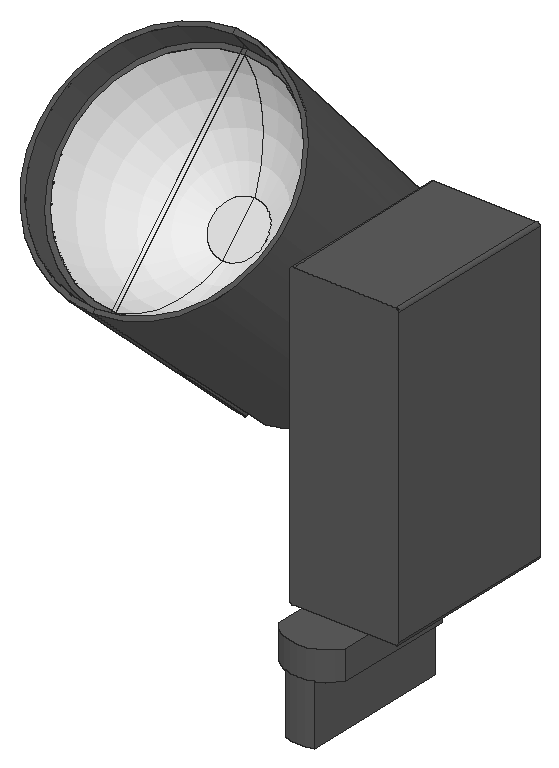
Revit family "0004903 Feilo Sylvania Lighting Fixture START TRACK SPOT L 35W 4K RA90 WB BLACK", category Lighting Fixtures, host Face, Revit 2017 (continued)
Definition of nested family "Start Track Spot Head"
  Types (96, lengths in mm): name | Wattage | built-in parameter 1150134 | Photometric Web File | Model | built-in parameter 1150105 | Lumens | built-in parameter 1150107 | built-in parameter 1150106 | HeadThickness_FEILO | HeadRibOffset_FEILO | HeadRibDepth_FEILO | HeadRibCutWidth_FEILO | HeadRibCutOffset_FEILO | HeadReflectorRadius_FEILO | HeadReflectorOffset_FEILO | HeadLEDRadius_FEILO | HeadHeight_FEILO | HeadDiffusorOffset_FEILO | HeadDiaOut_FEILO | HeadDiaIn_FEILO | HeadAxisFromTop_FEILO | Emit from Circle Diameter | built-in parameter 1150104 | Description | Apparent Load
    0004812 START TRACK SPOT S 14W 3K RA80 MB WHITE | 14 W | (empty or 0) | "0004812.ies" | "START TRACK SPOT S 14W 3K RA80 MB WHITE" | 120.32 (stored number, unit not read) | 1512 lm | 3000 (stored number, unit not read) | 1.2032 (stored number, unit not read) | 1.5 | 4.179 | 55.714 | 7.167 | 50.87 | 50.588 | 55.714 | 9.556 | 117 | 9.435 | 86 | 77.477 | 69.354 | 77.477 | 10.034 (stored number, unit not read) | "Integrated LED spotlight, Textured White - RAL9016, compact and minimalist design, ideal for retail applications, die-cast aluminium body, passive cooling heatsink. Beam angle: 36°, color temperature: 3000K , total system power: 14W, total fixture output: 1508 lm, LOR: 100%, colour rendering: Ra: 80 typical, LED Chromaticity: 3 step MacAdam ellipse, lifetime: >50000 hours at L70B50, energy class: A++, A+, A, IR/UV free light source without heat radiation, operating voltage: 220-240V / 50-60Hz, drive current: 350mA, electronic driver, non-dimmable, power factor: 0.92, electrical protection: Class II, Global Track 3 Phase adapter suitable for Global trac 3-circuit tracks, ingress protection rating: IP20, suitable for internal environment only, horizontal rotation: 355°, vertical tilt: 90°, dimensions: Ø86x140x200, weight: 0.940kg." | 14 VA
    0004811 START TRACK SPOT S 14W 3K RA80 NB WHITE | 14 W | (empty or 0) | "0004811.ies" | "START TRACK SPOT S 14W 3K RA80 NB WHITE" | 123.66 (stored number, unit not read) | 1554 lm | 3000 (stored number, unit not read) | 1.2366 (stored number, unit not read) | 1.5 | 4.179 | 55.714 | 7.167 | 50.87 | 50.588 | 55.714 | 9.556 | 117 | 9.435 | 86 | 77.477 | 69.354 | 77.477 | 10.312 (stored number, unit not read) | "Integrated LED spotlight, Textured White - RAL9016, compact and minimalist design, ideal for retail applications, die-cast aluminium body, passive cooling heatsink. Beam angle: 12°, color temperature: 3000K , total system power: 14W, total fixture output: 1551 lm, LOR: 100%, colour rendering: Ra: 80 typical, LED Chromaticity: 3 step MacAdam ellipse, lifetime: >50000 hours at L70B50, energy class: A++, A+, A, IR/UV free light source without heat radiation, operating voltage: 220-240V / 50-60Hz, drive current: 350mA, electronic driver, non-dimmable, power factor: 0.92, electrical protection: Class II, Global Track 3 Phase adapter suitable for Global trac 3-circuit tracks, ingress protection rating: IP20, suitable for internal environment only, horizontal rotation: 355°, vertical tilt: 90°, dimensions: Ø86x140x200, weight: 0.940kg." | 14 VA
  Reference planes
    plane 1 "Center (Front/Back)": y = 0
    plane 2: z = 0
    plane 3 "Center (Left/Right)": x = 0
    plane 4: x = 43
    plane 5: x = -43
    plane 6: x = -38.739
    plane 7: x = 38.739
    plane 8: z = 69.354
    plane 9: z = -47.646
    plane 10: x = -41.5
    plane 11: x = -37.239
    plane 12: z = -38.211
    plane 13: z = -35.211
    plane 14: z = 8.068
    plane 15: x = -9.556
    plane 16: x = -28.667
    plane 17: x = -19.111
    plane 18: x = -27.167
    plane 19: x = -17.611
    plane 20: x = -8.056
    plane 21: z = 13.64
    plane 22: x = -29.667
    plane 23: x = -26.167
    plane 24: x = -20.111
    plane 25: x = -16.611
    plane 26: x = -10.556
    plane 27: x = -7.056
    plane 28: x = -36.239
    plane 29: x = -40.5
    plane 30: z = 65.175
    plane 31: z = 60.997
    plane 32: z = 56.818
    plane 33: z = 18.484
    plane 34: y = -43
    plane 35: y = 43
    plane 36: y = 3.583
    plane 37: y = -3.583
    plane 38: y = -2.583
    plane 39: y = 2.583
    plane 40: y = 46
    plane 41: z = 13.5
    plane 42: z = -13.5
    plane 43: y = 39
    plane 44: x = 4.708
    plane 45: x = -2.458
    plane 46: x = -1.458
    plane 47: x = 1.458
  Forms (mm)
    Extrusion 1, solid
      sketch origin (4.2, 0, 0) x (1, 0, 0) y (0, 1, 0)
        loop
          line (-1219.2, 1219.2) -> (-1219.2, -1219.2) -> (1219.2, -1219.2) -> (1219.2, 1219.2) -> (-1219.2, 1219.2)
      from 0 to -68.017
    Revolve 2, solid, material <- "Material_1_FEILO", detail levels medium+fine
      sketch origin (0, 0, 0) x (1, 0, 0) y (0, 0, 1)
        loop
          line (-43, -47.646) -> (-41.5, -47.646) -> (-40.5, -35.211) -> (-38.739, -35.211)
          arc (-38.739, -35.211) -> (-30.16, -9.517) -> (-9.556, 8.068) r 50.588
          line (-9.556, 8.068) -> (0, 8.068) -> (0, 13.64) -> (-16.611, 13.64) -> (-17.611, 60.997) -> (-19.111, 60.997) -> (-20.111, 13.64) -> (-36.239, 13.64) -> (-37.239, 69.354) -> (-38.739, 69.354) -> (-43, -47.646)
        axis (0, 69.354) -> (0, -47.646)
      angle from 360 to 0
    Extrusion 3, void
      sketch origin (0, 0, 0) x (0, 1, 0) y (0, 0, 1)
        loop
          line (-3.583, 69.354) -> (-2.583, 18.484) -> (1.932, 18.484) -> (2.932, 69.354) -> (-3.583, 69.354)
      from 43 to -43
    Revolve 4, solid, material <- "Material_2_FEILO", detail levels medium+fine
      sketch origin (0, 0, 0) x (1, 0, 0) y (0, 0, 1)
        loop
          line (-41.5, -38.211) -> (0, -38.211) -> (0, -35.211) -> (-41.5, -35.211) -> (-41.5, -38.211)
        axis (0, -35.211) -> (0, -38.211)
      angle from 360 to 0
    Revolve 5, solid, material <- "Material_1_FEILO"
      sketch origin (0, 0, 0) x (0, 1, 0) y (0, 0, 1)
        loop
          line (46, 0) -> (39, 0) -> (39, -13.5) -> (46, -13.5) -> (46, 0)
        axis (39, 0) -> (46, 0)
      angle from 360 to 0
    Revolve 6, solid, material <- "Material_1_FEILO", detail levels medium+fine
      sketch origin (0, 0, 0) x (1, 0, 0) y (0, 0, 1)
        loop
          line (-29.667, 13.64) -> (-26.167, 13.64) -> (-27.167, 65.175) -> (-28.667, 65.175) -> (-29.667, 13.64)
        loop
          line (-10.556, 13.64) -> (-7.056, 13.64) -> (-7.833, 56.818) -> (-9.778, 56.818) -> (-10.556, 13.64)
        axis (0, 65.175) -> (0, 13.64)
      angle from 360 to 0
    Extrusion 7, void
      sketch origin (0, 0, 0) x (1, 0, 0) y (0, 0, 1)
        loop
          line (4.708, 69.354) -> (-2.458, 69.354) -> (-1.458, 13.64) -> (1.458, 13.64) -> (4.708, 69.354)
      from -43 to 43
    Revolve 8, solid, material <- "Material_1_FEILO", detail levels coarse
      sketch origin (0, 0, 0) x (1, 0, 0) y (0, 0, 1)
        loop
          line (0, 69.354) -> (-38.739, 69.354) -> (-43, -47.646) -> (-41.5, -47.646) -> (-40.731, -38.211) -> (0, -38.211) -> (0, 69.354)
        axis (0, 69.354) -> (0, -47.646)
      angle from 360 to 0
  Cuts and joins
    Extrusion 3 cuts Revolve 2
    Extrusion 7 cuts Revolve 6
  Dimensions and locks
    equal spacing: plane 7, plane 3 "Center (Left/Right)", plane 6
    equal spacing: plane 4, plane 3 "Center (Left/Right)", plane 5
    "HeadDiaOut_FEILO": plane 4 to plane 5
    "HeadDiaIn_FEILO": plane 7 to plane 6
    "HeadHeight_FEILO": plane 8 to plane 9
    "HeadThickness_FEILO": plane 10 to plane 5
    "HeadThickness_FEILO": plane 11 to plane 6
    "HeadDiffusorOffset_FEILO": plane 12 to plane 9
    "HeadDiffusorThickness_FEILO": plane 13 to plane 12
    "HeadReflectorOffset_FEILO": plane 14 to plane 9
    "HeadLEDRadius_FEILO": plane 3 "Center (Left/Right)" to plane 15
    "HeadLEDRadius_FEILO": plane 15 to plane 17
    "HeadLEDRadius_FEILO": plane 17 to plane 16
    "HeadThickness_FEILO": plane 18 to plane 16
    "HeadThickness_FEILO": plane 19 to plane 17
    "HeadThickness_FEILO": plane 20 to plane 15
    "HeadRibDepth_FEILO": plane 8 to plane 21
    "HeadDraft_FEILO": plane 16 to plane 22
    "HeadDraft_FEILO": plane 23 to plane 18
    "HeadDraft_FEILO": plane 17 to plane 24
    "HeadDraft_FEILO": plane 25 to plane 19
    "HeadDraft_FEILO": plane 15 to plane 26
    "HeadDraft_FEILO": plane 27 to plane 20
    "HeadDraft_FEILO": plane 29 to plane 10
    "HeadDraft_FEILO": plane 28 to plane 11
    "HeadRibOffset_FEILO": plane 8 to plane 30
    "HeadRibOffset_FEILO": plane 30 to plane 31
    "HeadRibOffset_FEILO": plane 31 to plane 32
    "HeadAxisFromTop_FEILO": plane 8 to plane 2
    "HeadRibCutOffset_FEILO": plane 8 to plane 33
    equal spacing: plane 34, plane 1 "Center (Front/Back)", plane 35
    "HeadDiaOut_FEILO": plane 34 to plane 35
    equal spacing: plane 38, plane 1 "Center (Front/Back)", plane 39
    equal spacing: plane 37, plane 1 "Center (Front/Back)", plane 36
    "HeadRibCutWidth_FEILO": plane 37 to plane 36
    "HeadDraft_FEILO": plane 37 to plane 38
    locked: plane 35 to plane 40 at 3
    equal spacing: plane 41, plane 2, plane 42
    locked: plane 42 to plane 41 at 27
    locked: plane 43 to plane 35 at 4
    equal spacing: plane 45, imposter light, plane 44
    "HeadDraft_FEILO": plane 46 to plane 45
    "HeadRibCutWidth_FEILO": plane 44 to plane 45
    equal spacing: plane 47, plane 3 "Center (Left/Right)", plane 46
    "HeadReflectorRadius_FEILO": radius of Revolve 2 sketch curve
    aligned and locked: plane 2 to Extrusion 1
    aligned and locked: level to Extrusion 1
    aligned and locked: Revolve 2 sketch curve to plane 3 "Center (Left/Right)"  (x2)
    aligned and locked: plane 9 to Revolve 2 sketch curve  (x2)
    aligned and locked: plane 5 to Revolve 2 sketch curve
    aligned and locked: plane 10 to Revolve 2 sketch curve
    aligned and locked: plane 14 to Revolve 2 sketch curve
    aligned and locked: plane 8 to Revolve 2 sketch curve
    aligned and locked: Revolve 2 sketch curve to plane 13
    aligned and locked: plane 12 to Revolve 4 sketch curve
    aligned and locked: plane 3 "Center (Left/Right)" to Revolve 4 sketch curve
    aligned and locked: Revolve 4 sketch curve to plane 10
    aligned and locked: Revolve 4 sketch curve to plane 3 "Center (Left/Right)"
    aligned and locked: plane 12 to imposter light
    aligned and locked: imposter light to plane 1 "Center (Front/Back)"
    aligned and locked: Revolve 5 sketch curve to plane 2
    aligned and locked: plane 43 to Revolve 5 sketch curve
    aligned and locked: plane 42 to Revolve 5 sketch curve
    aligned and locked: Revolve 6 sketch curve to plane 3 "Center (Left/Right)"
    aligned and locked: plane 22 to Revolve 6 sketch curve
    aligned and locked: plane 30 to Revolve 6 sketch curve
    aligned and locked: plane 23 to Revolve 6 sketch curve
    aligned and locked: Revolve 6 sketch curve to plane 21  (x2)
    aligned and locked: plane 21 to Revolve 6 sketch curve
    aligned and locked: plane 17 to Revolve 2 sketch curve
    aligned and locked: plane 19 to Revolve 2 sketch curve
    aligned and locked: plane 31 to Revolve 2 sketch curve
    aligned and locked: plane 21 to Revolve 2 sketch curve
    aligned and locked: Extrusion 3 to plane 8
    aligned and locked: plane 33 to Extrusion 3
    aligned and locked: plane 8 to Extrusion 3 sketch curve
    aligned and locked: Extrusion 3 sketch curve to plane 33
    aligned and locked: Extrusion 3 to plane 5
    aligned and locked: plane 4 to Extrusion 3
    aligned and locked: plane 32 to Revolve 6 sketch curve
    aligned and locked: plane 44 to Extrusion 7 sketch curve
    aligned and locked: Extrusion 7 sketch curve to plane 8
    aligned and locked: plane 46 to Extrusion 7 sketch curve
    aligned and locked: plane 21 to Extrusion 7 sketch curve
    aligned and locked: plane 34 to Extrusion 7
    aligned and locked: Extrusion 7 to plane 35
    aligned and locked: Revolve 4 sketch curve to plane 13
    aligned and locked: Revolve 5 sketch curve to plane 40
    aligned and locked: Revolve 8 sketch curve to plane 3 "Center (Left/Right)"
    aligned and locked: Revolve 8 sketch curve to cut or joined group of Revolve 2, Extrusion 3  (x3)
    aligned and locked: plane 5 to Revolve 8 sketch curve
    aligned and locked: plane 3 "Center (Left/Right)" to Revolve 8 sketch curve
    aligned and locked: plane 12 to Revolve 8 sketch curve
  Automatic sketch dimensions
    Extrusion 1 sketch curve to Extrusion 1 sketch curve = 2438.4 mm  (x2)
    Extrusion 3 sketch curve to plane 37 = 0 mm
    Extrusion 3 sketch curve to plane 38 = 0 mm
    plane 39 to Extrusion 3 sketch curve = 0.651 mm
    Extrusion 3 sketch curve to plane 39 = 0.349 mm
    Revolve 6 sketch curve to plane 16 = 0 mm
    Revolve 6 sketch curve to plane 18 = 0 mm
    Revolve 6 sketch curve to plane 26 = 0 mm
    Revolve 6 sketch curve to plane 27 = 0 mm
    Revolve 6 sketch curve to plane 15 = 0.222 mm
    plane 9 to Revolve 6 sketch curve = 559.103 mm
    Revolve 6 sketch curve to plane 8 = 2535.555 mm
    plane 20 to Revolve 6 sketch curve = 0.222 mm
    Revolve 2 sketch curve to plane 29 = 0 mm
    Revolve 2 sketch curve to plane 6 = 0 mm  (x2)
    Revolve 2 sketch curve to plane 11 = 0 mm
    Revolve 2 sketch curve to plane 21 = 0 mm
    Revolve 2 sketch curve to plane 28 = 0 mm
    Revolve 2 sketch curve to plane 24 = 0 mm
    Revolve 2 sketch curve to plane 25 = 0 mm
    Revolve 2 sketch curve to plane 15 = 0 mm
    Revolve 2 sketch curve to Revolve 2 sketch curve = 557.155 mm
    Revolve 2 sketch curve to plane 8 = 2535.558 mm
    Extrusion 7 sketch curve to plane 45 = 0 mm
    Extrusion 7 sketch curve to plane 47 = 0 mm
    plane 9 to Revolve 4 sketch curve = 559.103 mm
    Revolve 4 sketch curve to plane 8 = 2535.555 mm
    Revolve 5 sketch curve to level = 0 mm
    plane 34 to Revolve 5 sketch curve = 1968.092 mm
    Revolve 5 sketch curve to plane 40 = 1405.763 mm
    Revolve 8 sketch curve to plane 6 = 0 mm
    Revolve 8 sketch curve to plane 29 = 0.231 mm
    plane 9 to Revolve 8 sketch curve = 559.103 mm
    Revolve 8 sketch curve to Revolve 8 sketch curve = 2535.555 mm
Definition of nested family "Start Track Spot Box"
  Parameters (values of type "Type Large White")
    URL = "http://www.feilosylvania.com"
    Type Image = (empty or 0)
    Type Comments = "n/a"
    Small_FEILO = no
    Material_3_FEILO = none
    Model = ""
    Manufacturer = "Feilo Sylvania"
    Keynote = ""
    Material_2_FEILO = none
    Description = ""
    Default Elevation = 1219.2 mm
    Cost = 0
    Material_1_FEILO = none
    BoxWidth_FEILO = 49 mm
    BoxStartAngle_FEILO [instance] = 0.00°
    BoxRadius_FEILO = 1.5 mm
    BoxHeight_FEILO = if(Small_FEILO, 112 mm, 136 mm)  # 136 mm
    BoxEndAngle_FEILO [instance] = BoxStartAngle_FEILO - 180.00°  # -180.00°
    BoxDepth_FEILO = if(Small_FEILO, 71.5 mm, 79 mm)  # 79 mm
    BoxAxisVerticalOffset_FEILO = 16 mm
    BoxAxisOffset_FEILO = BoxHeight_FEILO / 6.8  # 20 mm
    Assembly Code = ""
    Material_4_FEILO = none
  Types (4, lengths in mm): name | Small_FEILO | BoxHeight_FEILO | BoxDepth_FEILO | BoxAxisOffset_FEILO
    Type Large White | no | 136 | 79 | 20
    Type Small White | yes | 112 | 71.5 | 16.471
    Type Small Black | yes | 112 | 71.5 | 16.471
    Type Large Black | no | 136 | 79 | 20
  Reference planes
    plane 1 "Center (Front/Back)": y = 0
    plane 2: z = 0
    plane 3 "Center (Left/Right)": x = 0
    plane 4: x = 24.5
    plane 5: x = -24.5
    plane 6: y = 68
    plane 7: y = -68
    plane 8: z = 39.5
    plane 9: z = -39.5
    plane 10: y = -48
    plane 11: x = 30.5
    plane 12: x = 8.5
    plane 13: x = 21.5
    plane 14: y = 70
    plane 15: y = 72
    plane 16: x = 19.5
  Forms (mm)
    Extrusion 1, solid
      sketch origin (4.2, 0, 0) x (1, 0, 0) y (0, 1, 0)
        loop
          line (-1219.2, 1219.2) -> (-1219.2, -1219.2) -> (1219.2, -1219.2) -> (1219.2, 1219.2) -> (-1219.2, 1219.2)
      from 0 to -68.017
    Extrusion 2, solid, material <- "Material_1_FEILO"
      sketch origin (0, 0, 0) x (1, 0, 0) y (0, 1, 0)
        loop
          arc (-23, 68) -> (-24.061, 67.561) -> (-24.5, 66.5) r 1.5
          line (-24.5, 66.5) -> (-24.5, -66.5)
          arc (-24.5, -66.5) -> (-24.061, -67.561) -> (-23, -68) r 1.5
          line (-23, -68) -> (23, -68)
          arc (23, -68) -> (24.061, -67.561) -> (24.5, -66.5) r 1.5
          line (24.5, -66.5) -> (24.5, 66.5)
          arc (24.5, 66.5) -> (24.061, 67.561) -> (23, 68) r 1.5
          line (23, 68) -> (-23, 68)
      from -39.5 to 39.5
    Revolve 3, solid, not visible
      sketch origin (0, 0, 0) x (1, 0, 0) y (0, 1, 0)
        loop
          line (30.5, -48) -> (24.5, -48) -> (24.5, -68) -> (30.5, -68) -> (30.5, -48)
        axis (30.5, -48) -> (24.5, -48)
      angle from 0 <- "BoxStartAngle_FEILO" to -180 <- "BoxEndAngle_FEILO"
    Revolve 4, solid, material <- "Material_2_FEILO"
      sketch origin (0, 0, 0) x (1, 0, 0) y (0, 1, 0)
        loop
          line (8.5, 68) -> (19.5, 68) -> (19.5, 70) -> (21.5, 70) -> (21.5, 72) -> (8.5, 72) -> (8.5, 68)
        axis (8.5, 72) -> (8.5, 68)
      angle from 360 to 0
  Dimensions and locks
    equal spacing: plane 5, plane 3 "Center (Left/Right)", plane 4
    "BoxWidth_FEILO": plane 5 to plane 4
    equal spacing: plane 7, plane 1 "Center (Front/Back)", plane 6
    "BoxHeight_FEILO": plane 7 to plane 6
    equal spacing: plane 8, plane 2, plane 9
    "BoxDepth_FEILO": plane 8 to plane 9
    "BoxAxisOffset_FEILO": plane 7 to plane 10
    locked: plane 4 to plane 11 at 6
    "BoxAxisVerticalOffset_FEILO": plane 12 to plane 4
    locked: plane 12 to plane 13 at 13
    plane 6 to plane 14 to plane 15 = 2 mm locked, 2 mm locked
    locked: plane 12 to plane 16 at 11
    "BoxRadius_FEILO": radius of Extrusion 2 sketch curve  (x4)
    aligned and locked: plane 2 to Extrusion 1
    aligned and locked: level to Extrusion 1
    aligned and locked: plane 6 to Extrusion 2 sketch curve
    aligned and locked: plane 5 to Extrusion 2 sketch curve
    aligned and locked: Extrusion 2 sketch curve to plane 7
    aligned and locked: Extrusion 2 sketch curve to plane 4
    aligned and locked: Extrusion 2 to plane 8
    aligned and locked: plane 9 to Extrusion 2
    aligned and locked: Revolve 3 sketch curve to plane 10  (x2)
    aligned and locked: plane 11 to Revolve 3 sketch curve
    aligned and locked: Revolve 3 sketch curve to plane 4
    aligned and locked: plane 7 to Revolve 3 sketch curve
    aligned and locked: Revolve 4 sketch curve to plane 12
    aligned and locked: plane 6 to Revolve 4 sketch curve
    aligned and locked: plane 12 to Revolve 4 sketch curve
    aligned and locked: plane 15 to Revolve 4 sketch curve
    aligned and locked: Revolve 4 sketch curve to plane 13
    aligned and locked: Revolve 4 sketch curve to plane 14
    aligned and locked: Revolve 4 sketch curve to plane 16
    aligned and locked: Revolve 4 sketch curve to plane 6
  Automatic sketch dimensions
    Extrusion 1 sketch curve to Extrusion 1 sketch curve = 2438.4 mm  (x2)
    Revolve 3 sketch curve to plane 5 = 1499.5 mm
    plane 11 to Revolve 3 sketch curve = 1493.5 mm
    plane 15 to Revolve 4 sketch curve = 0 mm
    plane 7 to Revolve 4 sketch curve = 1456 mm
    Revolve 4 sketch curve to plane 15 = 1452 mm
